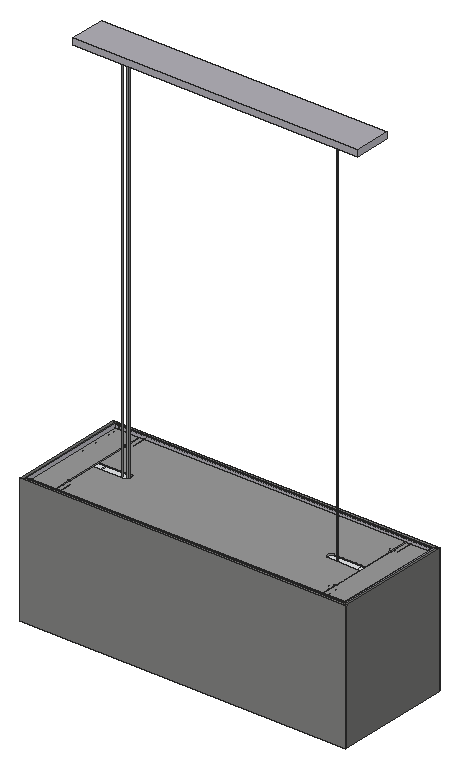
Revit family "Lighting - Lumetta - Pendant - P1440A", category Lighting Fixtures, host Ceiling, Revit 2015
Parameters
  Wattage = 12.1178 W
  built-in parameter 1150110 = 1 (stored number, unit not read)
  URL = "https://lumetta.com/luminaires/linear-acoustic-box-40x14-pendant/"
  built-in parameter 1114217 = 1 (stored number, unit not read)
  Top Lens-Material [instance] = Acrylic - 2447 - White
  Top Lens [instance] = yes
  built-in parameter 1150109 = 1 (stored number, unit not read)
  built-in parameter 1150134 = (empty or 0)
  Suspension [instance] = 1
  built-in parameter 1150113 = 1 (stored number, unit not read)
  P1440A URL [instance] = "https://lumetta.com/luminaires/linear-acoustic-box-40x14-pendant/"
  Model = "P440A"  # constant formula
  Manufacturer = "Lumetta, Inc."  # constant formula
  Lumens = 1800 lm
  built-in parameter 1150115 = 1 (stored number, unit not read)
  built-in parameter 1150105 = 143.24 (stored number, unit not read)
  Light Source Symbol Size = 0' - 1"
  built-in parameter 1150137 = (empty or 0)
  built-in parameter 1150139 = (empty or 0)
  built-in parameter 1150112 = 1 (stored number, unit not read)
  built-in parameter 1150114 = 1 (stored number, unit not read)
  built-in parameter 1150132 = 2
  built-in parameter 1150102 = (empty or 0)
  built-in parameter 1150138 = (empty or 0)
  built-in parameter 1150107 = 3000 (stored number, unit not read)
  built-in parameter 1150106 = 1.4324 (stored number, unit not read)
  Frame Finish [instance] = Paint - Lumetta - F02 - PC_Chrome
  Fixture Drop [instance] = 4' - 0"
  Emit from Line Length = 2' - 10"
  built-in parameter 1150104 = 13.8 (stored number, unit not read)
  Dimming Lamp Color Temperature Shift = (empty or 0)
  Diffuser Material-Shade 2 [instance] = Shade - Lumetta - D819-AC-Pepper
  Diffuser Material-Shade 1 [instance] = Shade - Lumetta - D802 - AC Marble
  Description = "Linear Acoustic Box 40×14 Pendant"  # constant formula
  Coupling-Stems over 60 inches [instance] = and([2 Stems], Fixture Drop > 5' 0")  # no
  Cord Color [instance] = Cord, Black
  Cone Nut-STD-2-3Wire [instance] = Suspension = 1  # yes
  Color Filter = 16777215
  Bushing-LED-4Wire [instance] = Suspension = 2  # no
  Bottom Lens-Material [instance] = Acrylic - P95 - Etched White
  Bottom Lens [instance] = yes
  built-in parameter 1114218 = 1 (stored number, unit not read)
  built-in parameter 1150133 = 10 (stored number, unit not read)
  2 Stems [instance] = Suspension = 3  # no
  1CRD-2CBL-LED-4Wire [instance] = or(Suspension = 1, Suspension = 2)  # yes
  1 CRD-2CBL-STD [instance] = or(Suspension = 1, Suspension = 2)  # yes
Reference planes (in)
  plane 1 "Light Source Axis (F/B)": y = 0
  plane 2 "Ceiling": z = 96.01773
  plane 3 "Light Source Axis (L/R)": x = 0
  plane 4 "Light Source Elevation": z = 45.39273
  plane 5 "Fixture-Top": z = 48.01773
  plane 6 "Fixture-Height": z = 32.01773
  plane 7 "Left-Wrap": x = -14.25
  plane 8 "Right-Wrap": x = 14.25
  plane 9 "Lamping Start": z = 47.38052
  plane 10 "Left Stem": x = -14.25
  plane 11 "Right Stem": x = 14.25
  plane 12: x = -12.75
  plane 13: x = 12.75
  plane 14 "Right XBar": x = 16.6875
  plane 15 "Left XBar": x = -16.6875
  plane 16 "Left Cable": x = -13.5
  plane 17 "Right Cable": x = 13.5
  plane 18 "Frame Length-Left": x = -20
  plane 19 "Frame Length-Right": x = 20
  plane 20 "Frame Width-TOP": y = 7
  plane 21 "Frame Width-BTM": y = -7
Forms (in)
  Extrusion 1, solid, material "Paint - Lumetta - F02 - PC_Chrome" <- "Frame Finish"
    sketch origin (0, 0, 96.01773) x (1, 0, 0) y (0, 1, 0)
      loop
        line (-17.875, -2.25) -> (17.875, -2.25) -> (17.875, 2.25) -> (-17.875, 2.25) -> (-17.875, -2.25)
    from 0 to -0.75
  Extrusion 2, solid, material "Paint - Lumetta - F02 - PC_Chrome" <- "Frame Finish"
    sketch origin (0, 0, 48.01773) x (0, -1, 0) y (1, 0, 0)
      loop
        line (-7, -20) -> (7, -20) -> (7, 20) -> (-7, 20) -> (-7, -20)
      loop
        line (-6.5, -19.5) -> (6.5, -19.5) -> (6.5, 19.5) -> (-6.5, 19.5) -> (-6.5, -19.5)
    from 0 to -0.63721
  Extrusion 3, void
    sketch origin (0, 0, 48.01773) x (0, -1, 0) y (1, 0, 0)
      loop
        line (-6.875, -19.875) -> (6.875, -19.875) -> (6.875, 19.875) -> (-6.875, 19.875) -> (-6.875, -19.875)
      loop
        line (-6.5, -19.375) -> (6.5, -19.375) -> (6.5, 19.375) -> (-6.5, 19.375) -> (-6.5, -19.375)
    from 0 to -0.51221
  Extrusion 4, solid, material "Paint - Lumetta - F02 - PC_Chrome" <- "Frame Finish"
    sketch origin (0, 0, 32.01773) x (-1, 0, 0) y (0, -1, 0)
      loop
        line (20, -7) -> (20, 7) -> (-20, 7) -> (-20, -7) -> (20, -7)
      loop
        line (19.5, -6.5) -> (19.5, 6.5) -> (-19.5, 6.5) -> (-19.5, -6.5) -> (19.5, -6.5)
    from 0 to 0.61415
  Extrusion 5, void
    sketch origin (0, 0, 32.01773) x (-1, 0, 0) y (0, -1, 0)
      loop
        line (19.875, -6.875) -> (19.875, 6.875) -> (-19.875, 6.875) -> (-19.875, -6.875) -> (19.875, -6.875)
      loop
        line (19.375, -6.5) -> (19.375, 6.5) -> (-19.5, 6.5) -> (-19.5, -6.5) -> (19.375, -6.5)
    from 0.11313 to 0.64163
  Extrusion 6, solid, material "Paint - Lumetta - F02 - PC_Chrome" <- "Frame Finish"
    sketch origin (0, 0, 36.01773) x (0, -1, 0) y (1, 0, 0)
      loop
        line (-7, 20) -> (-7, 19.375) -> (-6.875, 19.375) -> (-6.875, 19.875) -> (-6.375, 19.875) -> (-6.375, 20) -> (-7, 20)
      loop
        line (-7, -20) -> (-6.375, -20) -> (-6.375, -19.875) -> (-6.875, -19.875) -> (-6.875, -19.375) -> (-7, -19.375) -> (-7, -20)
      loop
        line (7, -20) -> (7, -19.375) -> (6.875, -19.375) -> (6.875, -19.875) -> (6.375, -19.875) -> (6.375, -20) -> (7, -20)
      loop
        line (7, 20) -> (6.375, 20) -> (6.375, 19.875) -> (6.875, 19.875) -> (6.875, 19.375) -> (7, 19.375) -> (7, 20)
    from -4 to 12
  Extrusion 7, solid, material "Paint - Lumetta - F02 - PC_Chrome" <- "Frame Finish"
    sketch origin (0, 0, 48.01773) x (0, -1, 0) y (1, 0, 0)
      loop
        line (-4.7499, -17.1875) -> (-4.7499, -16.1875) -> (-6.9219, -16.1875) -> (-6.9219, -17.1875) -> (-4.7499, -17.1875)
      loop
        line (-4.7499, 17.1875) -> (-6.9219, 17.1875) -> (-6.9219, 16.1875) -> (-4.7499, 16.1875) -> (-4.7499, 17.1875)
      loop
        circle (-5.2499, -16.6875) r 0.10889
      loop
        circle (-5.2499, 16.6875) r 0.10785
      loop
        line (4.7499, -17.1875) -> (6.9219, -17.1875) -> (6.9219, -16.1875) -> (4.7499, -16.1875) -> (4.7499, -17.1875)
      loop
        line (4.7499, 17.1875) -> (4.7499, 16.1875) -> (6.9219, 16.1875) -> (6.9219, 17.1875) -> (4.7499, 17.1875)
      loop
        circle (5.2499, -16.6875) r 0.10889
      loop
        circle (5.2499, 16.6875) r 0.10785
    from -0.4375 to -0.5
  Extrusion 8, solid, material "Paint - Lumetta - F02 - PC_Chrome" <- "Frame Finish"
    sketch origin (0, 0, 96.01773) x (1, 0, 0) y (0, 1, 0)
      loop
        circle (-10, 0) r 0.31122
      loop
        circle (10, 0) r 0.31356
    from -0.8125 to -1.1875
  Extrusion 9, solid, material "Paint - Lumetta - F02 - PC_Chrome" <- "Frame Finish", visible <- "2 Stems"
    sketch origin (18, 0.5, 96.01773) x (1, 0, 0) y (0, 1, 0)
      loop
        line (-36, -2.875) -> (0, -2.875) -> (0, 1.875) -> (-36, 1.875) -> (-36, -2.875)
    from -0.8125 to -0.75
  Revolve 10, solid, material "Paint - Lumetta - F02 - PC_Chrome" <- "Frame Finish", visible <- "Cone Nut-STD-2-3Wire"
    sketch origin (0, 0, 0) x (1, 0, 0) y (0, 0, 1)
      loop
        line (-12.75, 95.20523) -> (-12.75, 94.70523) -> (-12.46878, 94.70523) -> (-12.37659, 95.20523) -> (-12.75, 95.20523)
      axis (-12.75, 94.70523) -> (-12.75, 95.20523)
    angle from 0 to 360
  Extrusion 11, solid, material "Paint - Lumetta - F11 - PC_White"
    sketch origin (0, 0, 24.01773) x (0, -1, 0) y (1, 0, 0)
      loop
        line (-5.88315, -17.3125) -> (5.86685, -17.3125) -> (5.86685, -16.0625) -> (-5.88315, -16.0625) -> (-5.88315, -17.3125)
      loop
        line (-5.88315, 16.0625) -> (5.86685, 16.0625) -> (5.86685, 17.3125) -> (-5.88315, 17.3125) -> (-5.88315, 16.0625)
      loop
        circle (-5.25033, -16.6875) r 0.10889
      loop
        circle (5.25033, -16.6875) r 0.10889
      loop
        circle (5.2499, 16.6875) r 0.10785
      loop
        circle (-5.2499, 14.25) r 0.10785
    from 23.36279 to 23.24028
  Extrusion 12, solid, material "Paint - Lumetta - F11 - PC_White"
    sketch origin (0, 0, 47.38052) x (-1, 0, 0) y (0, -1, 0)
      loop
        line (18.1875, -1.54) -> (18.1875, 1.54) -> (-18.1875, 1.54) -> (-18.1875, -1.54) -> (18.1875, -1.54)
    from -0.1225 to -1.375
  Extrusion 13, solid, material "Cord, Black" <- "Cord Color", visible <- "1 CRD-2CBL-STD"
    sketch origin (0, 0, 96.01773) x (1, 0, 0) y (0, 1, 0)
      loop
        circle (-12.75, 0) r 0.1566
    from -0.75 to -48.63721
  Extrusion 14, solid, material "Steel, Galvanized", visible <- "1 CRD-2CBL-STD"
    sketch origin (0, 0, 96.01773) x (1, 0, 0) y (0, 1, 0)
      loop
        circle (-13.5, 0) r 0.03252
      loop
        circle (13.5, 0) r 0.03265
    from -0.75 to -48.63721
  Extrusion 15, solid, material "Paint - Lumetta - F02 - PC_Chrome" <- "Frame Finish", visible <- "2 Stems"
    sketch origin (0, 0, 96.01773) x (1, 0, 0) y (0, 1, 0)
      loop
        circle (-14.25, 0) r 0.25
      loop
        circle (14.25, 0) r 0.25
    from 0 to -48.63721
  Revolve 16, solid, material "Paint - Lumetta - F02 - PC_Chrome" <- "Frame Finish", visible <- "2 Stems"
    sketch origin (0, 0, 0) x (1, 0, 0) y (0, 0, 1)
      loop
        line (-14.25, 95.04898) -> (-13.95148, 95.04898)
        arc (-13.95148, 95.04898) -> (-13.71866, 95.4096) -> (-13.64788, 95.83298) r 1.06037
        line (-13.64788, 95.83298) -> (-14.25, 95.83298) -> (-14.25, 95.04898)
      axis (-14.25, 95.04898) -> (-14.25, 95.83298)
    angle from 0 to 360
  Revolve 17, solid, material "Paint - Lumetta - F02 - PC_Chrome" <- "Frame Finish", visible <- "Coupling-Stems over 60 inches"
    sketch origin (0, 0, 0) x (1, 0, 0) y (0, 0, 1)
      loop
        line (-14.25, 108.01773) -> (-13.95764, 108.01773)
        arc (-13.95764, 108.01773) -> (-13.90786, 108.0585) -> (-13.93801, 108.11534) r 0.05078
        arc (-13.93801, 108.11534) -> (-13.90686, 108.28335) -> (-13.93801, 108.45137) r 0.46875
        arc (-13.93801, 108.45137) -> (-13.90786, 108.50821) -> (-13.95764, 108.54898) r 0.05078
        line (-13.95764, 108.54898) -> (-14.25, 108.54898) -> (-14.25, 108.01773)
      axis (-14.25, 108.54898) -> (-14.25, 108.01773)
    angle from 0 to 360
  Revolve 18, solid, material "Paint - Lumetta - F02 - PC_Chrome" <- "Frame Finish", visible <- "Coupling-Stems over 60 inches"
    sketch origin (0, 0, 0) x (-1, 0, 0) y (0, 0, 1)
      loop
        line (-14.25, 108.01773) -> (-13.9562, 108.01773)
        arc (-13.9562, 108.01773) -> (-13.90642, 108.0585) -> (-13.93657, 108.11534) r 0.05078
        arc (-13.93657, 108.11534) -> (-13.90542, 108.28335) -> (-13.93657, 108.45137) r 0.46875
        arc (-13.93657, 108.45137) -> (-13.90642, 108.50821) -> (-13.9562, 108.54898) r 0.05078
        line (-13.9562, 108.54898) -> (-14.25, 108.54898) -> (-14.25, 108.01773)
      axis (-14.25, 108.54898) -> (-14.25, 108.01773)
    angle from 0 to 360
  Revolve 19, solid, material "Paint - Lumetta - F02 - PC_Chrome" <- "Frame Finish", visible <- "2 Stems"
    sketch origin (0, 0, 0) x (-1, 0, 0) y (0, 0, 1)
      loop
        line (-14.25, 95.04898) -> (-13.95148, 95.04898)
        arc (-13.95148, 95.04898) -> (-13.70187, 95.31397) -> (-13.64788, 95.67398) r 0.60938
        line (-13.64788, 95.67398) -> (-14.25, 95.67398) -> (-14.25, 95.04898)
      axis (-14.25, 95.04898) -> (-14.25, 95.67398)
    angle from 0 to 360
  Extrusion 20, solid, material "Paint - Lumetta - F02 - PC_Chrome" <- "Frame Finish", visible <- "Bushing-LED-4Wire"
    sketch origin (0, 0, 96.01773) x (1, 0, 0) y (0, 1, 0)
      loop
        circle (-12.75, 0) r 0.37341
      loop
        circle (-12.75, 0) r 0.25
    from -0.91406 to -0.8125
  Extrusion 21, solid, material "Acrylic - 2447 - White" <- "Top Lens-Material", visible <- "Top Lens"
    sketch origin (0, 0, 48.01773) x (0, -1, 0) y (1, 0, 0)
      loop
        line (-6.75, -19.75) -> (6.75, -19.75) -> (6.75, -16.75) -> (4.42172, -16.75)
        arc (4.42172, -16.75) -> (4.25, -16.87024) -> (4.07828, -16.75) r 0.18274
        line (4.07828, -16.75) -> (-4.07828, -16.75)
        arc (-4.07828, -16.75) -> (-4.25, -16.87024) -> (-4.42172, -16.75) r 0.18274
        line (-4.42172, -16.75) -> (-6.75, -16.75) -> (-6.75, -19.75)
      loop
        line (-6.75, -16.625) -> (-4.42172, -16.625)
        arc (-4.42172, -16.625) -> (-4.25, -16.50476) -> (-4.07828, -16.625) r 0.18274
        line (-4.07828, -16.625) -> (-0.5, -16.625) -> (-0.5, -12.75)
        arc (-0.5, -12.75) -> (0, -12.25) -> (0.5, -12.75) r 0.5
        line (0.5, -12.75) -> (0.5, -16.625) -> (4.07828, -16.625)
        arc (4.07828, -16.625) -> (4.25, -16.50476) -> (4.42172, -16.625) r 0.18274
        line (4.42172, -16.625) -> (6.75, -16.625) -> (6.75, 16.625) -> (4.42172, 16.625)
        arc (4.42172, 16.625) -> (4.25, 16.50476) -> (4.07828, 16.625) r 0.18274
        line (4.07828, 16.625) -> (0.5, 16.625) -> (0.5, 12.75)
        arc (0.5, 12.75) -> (0, 12.25) -> (-0.5, 12.75) r 0.5
        line (-0.5, 12.75) -> (-0.5, 16.625) -> (-4.07828, 16.625)
        arc (-4.07828, 16.625) -> (-4.25, 16.50476) -> (-4.42172, 16.625) r 0.18274
        line (-4.42172, 16.625) -> (-6.75, 16.625) -> (-6.75, -16.625)
      loop
        line (-6.75, 19.75) -> (-6.75, 16.75) -> (-4.42172, 16.75)
        arc (-4.42172, 16.75) -> (-4.25, 16.87024) -> (-4.07828, 16.75) r 0.18274
        line (-4.07828, 16.75) -> (4.07828, 16.75)
        arc (4.07828, 16.75) -> (4.25, 16.87024) -> (4.42172, 16.75) r 0.18274
        line (4.42172, 16.75) -> (6.75, 16.75) -> (6.75, 19.75) -> (-6.75, 19.75)
    from -0.51221 to -0.38301
  Extrusion 22, solid, material "Acrylic - P95 - Etched White" <- "Bottom Lens-Material", visible <- "Bottom Lens"
    sketch origin (0, 0, 32.01773) x (-1, 0, 0) y (0, -1, 0)
      loop
        line (19.75, -6.75) -> (19.75, 6.75) -> (-19.75, 6.75) -> (-19.75, -6.75) -> (19.75, -6.75)
    from 0.0625 to 0.1875
  Extrusion 23, solid, material "Shade - Lumetta - D802 - AC Marble" <- "Diffuser Material-Shade 1"
    sketch origin (0, 0, 48.01773) x (0, -1, 0) y (1, 0, 0)
      loop
        line (-7.375, -20.375) -> (-7.1875, -20.375) -> (-7.1875, -20) -> (-7, -20) -> (-7, 20) -> (-7.1875, 20) -> (-7.1875, 20.375) -> (-7.375, 20.375) -> (-7.375, -20.375)
      loop
        line (7.375, -20.375) -> (7.375, 20.375) -> (7.1875, 20.375) -> (7.1875, 20) -> (7, 20) -> (7, -20) -> (7.1875, -20) -> (7.1875, -20.375) -> (7.375, -20.375)
    from -16 to 0
  Extrusion 24, solid, material "Shade - Lumetta - D819-AC-Pepper" <- "Diffuser Material-Shade 2"
    sketch origin (0, 0, 48.01773) x (0, -1, 0) y (1, 0, 0)
      loop
        line (-7.1875, -20.375) -> (7.1875, -20.375) -> (7.1875, -20) -> (-7.1875, -20) -> (-7.1875, -20.375)
      loop
        line (-7.1875, 20.375) -> (-7.1875, 20) -> (7.1875, 20) -> (7.1875, 20.375) -> (-7.1875, 20.375)
    from -16 to 0
Cuts and joins
  Extrusion 3, Extrusion 5 cuts Extrusion 2
  Extrusion 5 cuts Extrusion 4
Dimensions and locks (in)
  equal spacing: host sketch curve, plane 3 "Light Source Axis (L/R)", host sketch curve
  equal spacing: host sketch curve, plane 1 "Light Source Axis (F/B)", host sketch curve
  host sketch curve to host sketch curve = 10' - 0"  (x2)
  locked: plane 5 "Fixture-Top" to plane 4 "Light Source Elevation" at 2.625
  "Fixture Drop": plane 2 "Ceiling" to plane 5 "Fixture-Top"
  plane 5 "Fixture-Top" to plane 6 "Fixture-Height" = 1' - 4"
  locked: Extrusion 9 to Revolve 10 sketch curve at 0.5
  locked: Extrusion 11 sketch curve to Extrusion 11 sketch curve at 1.25  (x2)
  plane 1 "Light Source Axis (F/B)" to Extrusion 11 sketch curve = 0' - 5.88315"
  Extrusion 11 sketch curve to Extrusion 11 sketch curve = 0' - 11 3/4"
  locked: imposter light to Extrusion 12 sketch curve at 1.54
  locked: plane 1 "Light Source Axis (F/B)" to Extrusion 12 sketch curve at 1.54
  locked: Extrusion 9 to Revolve 16 sketch curve at 0.15625
  Revolve 17 sketch curve to level = 9' - 0.01773"
  locked: Revolve 17 sketch curve to Revolve 17 sketch curve at 0.53125
  locked: Revolve 17 sketch curve to Revolve 17 sketch curve at 0.26563
  locked: Revolve 17 sketch curve to Revolve 17 sketch curve at 0.05078  (x2)
  locked: Revolve 18 sketch curve to Revolve 18 sketch curve at 0.53125
  locked: Revolve 18 sketch curve to Revolve 18 sketch curve at 0.26563
  locked: Revolve 18 sketch curve to Revolve 18 sketch curve at 0.05078  (x2)
  locked: Extrusion 20 sketch curve to plane 3 "Light Source Axis (L/R)" at 12.75  (x2)
  locked: Revolve 18 sketch curve to plane 5 "Fixture-Top" at 60
  locked: Revolve 17 sketch curve to plane 5 "Fixture-Top" at 60
  plane 5 "Fixture-Top" to plane 9 "Lamping Start" = 0' - 0.63721"
  locked: plane 9 "Lamping Start" to Extrusion 12 at 1.375
  locked: cut or joined group of Extrusion 4, Extrusion 5 to plane 6 "Fixture-Height" at 0.11313
  locked: cut or joined group of Extrusion 4, Extrusion 5 to plane 6 "Fixture-Height" at 0.61415
  cut or joined group of Extrusion 2, Extrusion 3, Extrusion 5 to plane 9 "Lamping Start" = 0' - 0 1/8"
  locked: Extrusion 21 to cut or joined group of Extrusion 2, Extrusion 3, Extrusion 5 at 0.1292
  equal spacing: Extrusion 14 sketch curve, plane 3 "Light Source Axis (L/R)", Extrusion 14 sketch curve
  plane 3 "Light Source Axis (L/R)" to Revolve 10 sketch curve = 1' - 0 3/4"
  equal spacing: Extrusion 8 sketch curve, plane 3 "Light Source Axis (L/R)", Extrusion 8 sketch curve
  Extrusion 8 sketch curve to Extrusion 8 sketch curve = 1' - 8"
  equal spacing: Extrusion 21 sketch curve, plane 3 "Light Source Axis (L/R)", Extrusion 21 sketch curve
  locked: Extrusion 13 sketch curve to plane 3 "Light Source Axis (L/R)" at 12.75
  plane 3 "Light Source Axis (L/R)" to Extrusion 15 sketch curve = 1' - 2 1/4"
  plane 3 "Light Source Axis (L/R)" to Revolve 18 sketch curve = 1' - 2 1/4"
  locked: Revolve 16 sketch curve to plane 10 "Left Stem" at 0
  locked: Revolve 16 sketch curve to Revolve 16 sketch curve at 0.45748
  locked: plane 11 "Right Stem" to Revolve 19 sketch curve at 0  (x2)
  locked: Revolve 19 sketch curve to plane 11 "Right Stem" at 0
  locked: Revolve 17 sketch curve to plane 10 "Left Stem" at 0  (x2)
  locked: Revolve 17 sketch curve to plane 10 "Left Stem" at 0.29236  (x2)
  locked: plane 10 "Left Stem" to Revolve 17 sketch curve at 0.12561
  locked: Revolve 18 sketch curve to plane 11 "Right Stem" at 0  (x2)
  locked: plane 11 "Right Stem" to Revolve 18 sketch curve at 0.2938  (x2)
  locked: Revolve 18 sketch curve to plane 11 "Right Stem" at 0.12417
  locked: plane 12 to Revolve 10 sketch curve at 0
  Revolve 10 sketch curve to plane 12 = 0' - 0"
  locked: Revolve 10 sketch curve to plane 12 at 0.37341
  locked: Revolve 10 sketch curve to plane 12 at 0.28122
  locked: plane 3 "Light Source Axis (L/R)" to plane 12 at 12.75
  equal spacing: plane 13, plane 3 "Light Source Axis (L/R)", plane 12
  locked: Extrusion 21 sketch curve to plane 3 "Light Source Axis (L/R)" at 12.75
  locked: plane 9 "Lamping Start" to Extrusion 12 at 0.1225
  equal spacing: plane 15 "Left XBar", plane 3 "Light Source Axis (L/R)", plane 14 "Right XBar"
  locked: plane 15 "Left XBar" to plane 14 "Right XBar" at 33.375
  equal spacing: plane 16 "Left Cable", plane 3 "Light Source Axis (L/R)", plane 17 "Right Cable"
  locked: plane 16 "Left Cable" to plane 17 "Right Cable" at 27
  locked: Extrusion 14 sketch curve to plane 16 "Left Cable" at 0
  equal spacing: plane 7 "Left-Wrap", plane 3 "Light Source Axis (L/R)", plane 8 "Right-Wrap"
  plane 7 "Left-Wrap" to plane 8 "Right-Wrap" = 2' - 4 1/2"
  equal spacing: plane 10 "Left Stem", plane 3 "Light Source Axis (L/R)", plane 11 "Right Stem"
  locked: plane 10 "Left Stem" to plane 11 "Right Stem" at 28.5
  equal spacing: plane 18 "Frame Length-Left", plane 3 "Light Source Axis (L/R)", plane 19 "Frame Length-Right"
  plane 18 "Frame Length-Left" to plane 19 "Frame Length-Right" = 3' - 4"
  equal spacing: plane 20 "Frame Width-TOP", plane 1 "Light Source Axis (F/B)", plane 21 "Frame Width-BTM"
  locked: Extrusion 6 sketch curve to plane 18 "Frame Length-Left" at 0  (x2)
  locked: Extrusion 6 sketch curve to plane 20 "Frame Width-TOP" at 0  (x2)
  locked: Extrusion 6 sketch curve to plane 21 "Frame Width-BTM" at 0  (x2)
  locked: Extrusion 6 sketch curve to plane 19 "Frame Length-Right" at 0  (x2)
  locked: Extrusion 6 sketch curve to plane 19 "Frame Length-Right" at 0.625  (x2)
  locked: Extrusion 6 sketch curve to plane 20 "Frame Width-TOP" at 0.625
  locked: Extrusion 6 sketch curve to plane 21 "Frame Width-BTM" at 0.625
  locked: plane 18 "Frame Length-Left" to Extrusion 6 sketch curve at 0.625  (x2)
  locked: plane 20 "Frame Width-TOP" to Extrusion 6 sketch curve at 0.625
  locked: plane 21 "Frame Width-BTM" to Extrusion 6 sketch curve at 0.625
  locked: plane 19 "Frame Length-Right" to Extrusion 2 sketch curve
  locked: Extrusion 2 sketch curve to plane 20 "Frame Width-TOP" at 0
  locked: Extrusion 2 sketch curve to plane 21 "Frame Width-BTM" at 0
  locked: plane 18 "Frame Length-Left" to Extrusion 5 sketch curve at 0.125
  locked: Extrusion 5 sketch curve to Extrusion 5 sketch curve at 0.5
  locked: Extrusion 5 sketch curve to plane 19 "Frame Length-Right" at 0.125
  locked: Extrusion 5 sketch curve to plane 19 "Frame Length-Right" at 0.5
  locked: plane 18 "Frame Length-Left" to Extrusion 2 sketch curve
  locked: Extrusion 2 sketch curve to Extrusion 2 sketch curve at 0.5
  locked: plane 18 "Frame Length-Left" to Extrusion 3 sketch curve at 0.125
  locked: Extrusion 3 sketch curve to Extrusion 3 sketch curve at 0.5  (x2)
  locked: Extrusion 3 sketch curve to plane 19 "Frame Length-Right" at 0.125
  locked: plane 18 "Frame Length-Left" to Extrusion 4 sketch curve
  locked: Extrusion 4 sketch curve to Extrusion 4 sketch curve at 0.5  (x2)
  locked: Extrusion 4 sketch curve to plane 19 "Frame Length-Right"
  locked: Extrusion 22 sketch curve to plane 19 "Frame Length-Right" at 0.25
  locked: Extrusion 22 sketch curve to plane 20 "Frame Width-TOP" at 0.25
  locked: Extrusion 22 sketch curve to plane 21 "Frame Width-BTM" at 0.25
  locked: plane 18 "Frame Length-Left" to Extrusion 22 sketch curve at 0.25
  locked: plane 18 "Frame Length-Left" to Extrusion 21 sketch curve at 0.25
  locked: Extrusion 21 sketch curve to plane 20 "Frame Width-TOP" at 0.25  (x2)
  locked: Extrusion 21 sketch curve to plane 21 "Frame Width-BTM" at 0.25  (x2)
  locked: plane 20 "Frame Width-TOP" to Extrusion 21 sketch curve at 0.25
  locked: plane 21 "Frame Width-BTM" to Extrusion 21 sketch curve at 0.25
  locked: Extrusion 21 sketch curve to plane 19 "Frame Length-Right" at 0.25
  equal spacing: Extrusion 9 sketch curve, plane 1 "Light Source Axis (F/B)", Extrusion 9 sketch curve
  equal spacing: Extrusion 9 sketch curve, plane 3 "Light Source Axis (L/R)", Extrusion 9 sketch curve
  locked: Extrusion 9 sketch curve to Extrusion 9 sketch curve at 36
  locked: Extrusion 9 sketch curve to Extrusion 9 sketch curve at 4.75
  locked: Extrusion 9 to Extrusion 1 sketch curve at 0.125  (x3)
  locked: Extrusion 1 sketch curve to Extrusion 9 at 0.125
  locked: Extrusion 7 sketch curve to Extrusion 7 sketch curve at 2.172  (x4)
  locked: Extrusion 7 sketch curve to Extrusion 7 sketch curve at 0.5  (x4)
  locked: Extrusion 7 sketch curve to plane 15 "Left XBar" at 0  (x2)
  locked: Extrusion 7 sketch curve to plane 14 "Right XBar" at 0  (x2)
  equal spacing: Extrusion 7 sketch curve, plane 15 "Left XBar", Extrusion 7 sketch curve  (x2)
  equal spacing: Extrusion 7 sketch curve, plane 14 "Right XBar", Extrusion 7 sketch curve  (x2)
  locked: Extrusion 7 sketch curve to plane 15 "Left XBar" at 0.5  (x2)
  locked: plane 14 "Right XBar" to Extrusion 7 sketch curve at 0.5  (x2)
  locked: Extrusion 7 sketch curve to plane 20 "Frame Width-TOP" at 0.0781
  locked: plane 21 "Frame Width-BTM" to Extrusion 7 sketch curve at 0.0781
  locked: Extrusion 7 sketch curve to plane 21 "Frame Width-BTM" at 0.0781
  locked: plane 20 "Frame Width-TOP" to Extrusion 7 sketch curve at 0.0781
  locked: Extrusion 11 sketch curve to plane 20 "Frame Width-TOP" at 1.11685  (x2)
  locked: Extrusion 11 sketch curve to plane 21 "Frame Width-BTM" at 1.13315  (x2)
  Extrusion 11 sketch curve to Extrusion 11 sketch curve = 0' - 0.61695"
  locked: Extrusion 11 sketch curve to plane 15 "Left XBar" at 0  (x2)
  locked: Extrusion 11 sketch curve to plane 14 "Right XBar" at 0
  locked: Extrusion 6 to plane 6 "Fixture-Height" at 0
  locked: Extrusion 15 sketch curve to plane 10 "Left Stem"
  locked: plane 11 "Right Stem" to Extrusion 15 sketch curve
  Extrusion 21 sketch curve to Extrusion 21 sketch curve = 0' - 8 1/2"  (x4)
  equal spacing: Extrusion 21 sketch curve, plane 1 "Light Source Axis (F/B)", Extrusion 21 sketch curve  (x3)
  equal spacing: Extrusion 21 sketch curve, imposter light, Extrusion 21 sketch curve
  equal spacing: Extrusion 11 sketch curve, plane 1 "Light Source Axis (F/B)", Extrusion 11 sketch curve
  locked: Extrusion 11 sketch curve to Extrusion 11 sketch curve at 0.63325
  equal spacing: Extrusion 11 sketch curve, imposter light, Extrusion 11 sketch curve
  locked: Extrusion 11 sketch curve to Extrusion 11 sketch curve at 0.63281
  equal spacing: Extrusion 11 sketch curve, plane 14 "Right XBar", Extrusion 11 sketch curve
  equal spacing: Extrusion 11 sketch curve, plane 15 "Left XBar", Extrusion 11 sketch curve
  locked: Extrusion 12 sketch curve to plane 15 "Left XBar" at 1.5
  locked: plane 14 "Right XBar" to Extrusion 12 sketch curve at 1.5
  locked: Extrusion 23 sketch curve to Extrusion 23 sketch curve at 0.1875  (x4)
  locked: Extrusion 23 sketch curve to Extrusion 23 sketch curve at 0.375  (x4)
  locked: Extrusion 23 sketch curve to plane 18 "Frame Length-Left"
  locked: plane 19 "Frame Length-Right" to Extrusion 23 sketch curve
  locked: Extrusion 23 sketch curve to plane 20 "Frame Width-TOP" at 0
  locked: plane 20 "Frame Width-TOP" to Extrusion 23 sketch curve at 0.375
  plane 20 "Frame Width-TOP" to plane 21 "Frame Width-BTM" = 1' - 2"
  aligned and locked: plane 3 "Light Source Axis (L/R)" to imposter light
  aligned and locked: plane 1 "Light Source Axis (F/B)" to imposter light
  aligned and locked: plane 4 "Light Source Elevation" to imposter light
  aligned and locked: Extrusion 13 to Extrusion 1
  aligned and locked: plane 2 "Ceiling" to Extrusion 15
  aligned and locked: Extrusion 13 to plane 9 "Lamping Start"
  aligned and locked: Extrusion 14 to plane 9 "Lamping Start"
  aligned and locked: Extrusion 15 to Extrusion 13
  aligned and locked: Extrusion 4 to plane 6 "Fixture-Height"
  aligned and locked: cut or joined group of Extrusion 2, Extrusion 3, Extrusion 5 to Extrusion 5 sketch curve  (x2)
  aligned and locked: cut or joined group of Extrusion 2, Extrusion 3, Extrusion 5 to Extrusion 21
  aligned and locked: Extrusion 2 to plane 9 "Lamping Start"
  aligned and locked: Extrusion 11 to Extrusion 12
  aligned and locked: Extrusion 11 to cut or joined group of Extrusion 2, Extrusion 3, Extrusion 5
  aligned and locked: Extrusion 6 to plane 5 "Fixture-Top"
  aligned and locked: Extrusion 23 to plane 5 "Fixture-Top"
  aligned and locked: Extrusion 23 to cut or joined group of Extrusion 4, Extrusion 5
  aligned and locked: Extrusion 24 to plane 5 "Fixture-Top"
  aligned and locked: Extrusion 24 to cut or joined group of Extrusion 4, Extrusion 5
Automatic sketch dimensions
  plane 1 "Light Source Axis (F/B)" to Extrusion 13 sketch curve = 0' - 0"
  plane 1 "Light Source Axis (F/B)" to Extrusion 14 sketch curve = 0' - 0"  (x2)
  plane 1 "Light Source Axis (F/B)" to Extrusion 15 sketch curve = 0' - 0"  (x2)
  Extrusion 20 sketch curve to Extrusion 20 sketch curve = 0' - 0"
  plane 1 "Light Source Axis (F/B)" to Extrusion 20 sketch curve = 0' - 0"
  Extrusion 6 sketch curve to plane 20 "Frame Width-TOP" = 0' - 0 1/8"  (x2)
  plane 21 "Frame Width-BTM" to Extrusion 6 sketch curve = 0' - 0 1/8"  (x2)
  plane 18 "Frame Length-Left" to Extrusion 6 sketch curve = 0' - 0 1/8"  (x2)
  Extrusion 6 sketch curve to plane 19 "Frame Length-Right" = 0' - 0 1/8"
  Extrusion 6 sketch curve to Extrusion 6 sketch curve = 0' - 0 1/8"
  Extrusion 2 sketch curve to plane 20 "Frame Width-TOP" = 0' - 0 1/2"
  plane 21 "Frame Width-BTM" to Extrusion 2 sketch curve = 0' - 0 1/2"
  Extrusion 2 sketch curve to plane 19 "Frame Length-Right" = 0' - 0 1/2"
  Extrusion 3 sketch curve to plane 20 "Frame Width-TOP" = 0' - 0 1/8"
  Extrusion 3 sketch curve to plane 20 "Frame Width-TOP" = 0' - 0 1/2"
  plane 21 "Frame Width-BTM" to Extrusion 3 sketch curve = 0' - 0 1/2"
  plane 21 "Frame Width-BTM" to Extrusion 3 sketch curve = 0' - 0 1/8"
  Extrusion 4 sketch curve to plane 20 "Frame Width-TOP" = 0' - 0"
  Extrusion 4 sketch curve to plane 21 "Frame Width-BTM" = 0' - 0"
  Extrusion 4 sketch curve to plane 20 "Frame Width-TOP" = 0' - 0 1/2"
  plane 21 "Frame Width-BTM" to Extrusion 4 sketch curve = 0' - 0 1/2"
  Extrusion 21 sketch curve to Extrusion 21 sketch curve = 0' - 0"  (x9)
  Extrusion 21 sketch curve to plane 15 "Left XBar" = 0' - 0"  (x2)
  Extrusion 21 sketch curve to plane 14 "Right XBar" = 0' - 0"  (x2)
  plane 1 "Light Source Axis (F/B)" to Extrusion 21 sketch curve = 0' - 0"  (x2)
  Extrusion 21 sketch curve to plane 14 "Right XBar" = 0' - 0 1/16"  (x4)
  Extrusion 21 sketch curve to plane 1 "Light Source Axis (F/B)" = 0' - 0 1/2"  (x2)
  plane 15 "Left XBar" to Extrusion 21 sketch curve = 0' - 0 1/16"  (x4)
  Extrusion 21 sketch curve to plane 15 "Left XBar" = 0' - 0 1/16"  (x3)
  Extrusion 21 sketch curve to Extrusion 21 sketch curve = 0' - 0.17172"  (x4)
  plane 14 "Right XBar" to Extrusion 21 sketch curve = 0' - 0 1/16"  (x2)
  Extrusion 11 sketch curve to plane 8 "Right-Wrap" = 0' - 0"
  plane 1 "Light Source Axis (F/B)" to Extrusion 8 sketch curve = 0' - 0"  (x2)
  Extrusion 5 sketch curve to plane 20 "Frame Width-TOP" = 0' - 0 1/8"
  plane 21 "Frame Width-BTM" to Extrusion 5 sketch curve = 0' - 0 1/8"
  Revolve 10 sketch curve to Revolve 10 sketch curve = 0' - 0 1/2"
  Revolve 10 sketch curve to Revolve 10 sketch curve = 0' - 0"
  plane 2 "Ceiling" to Revolve 10 sketch curve = 0' - 2 11/16"
  Revolve 16 sketch curve to plane 7 "Left-Wrap" = 0' - 0"
  Revolve 16 sketch curve to plane 7 "Left-Wrap" = 0' - 0.29852"
  Revolve 16 sketch curve to plane 16 "Left Cable" = 0' - 0.14788"
  Revolve 16 sketch curve to plane 2 "Ceiling" = 0' - 0.2252"
  Revolve 16 sketch curve to Revolve 16 sketch curve = 1' - 1 19/32"
  plane 2 "Ceiling" to Revolve 16 sketch curve = 0' - 2 15/16"
  Revolve 17 sketch curve to Revolve 17 sketch curve = 0' - 0.01964"
  plane 2 "Ceiling" to Revolve 17 sketch curve = 0' - 4 17/32"
  Revolve 17 sketch curve to Revolve 17 sketch curve = 0' - 0"
  Revolve 18 sketch curve to Revolve 18 sketch curve = 0' - 0.01964"
  Revolve 18 sketch curve to plane 2 "Ceiling" = 0' - 4 17/32"
  Revolve 18 sketch curve to Revolve 18 sketch curve = 0' - 0"
  plane 8 "Right-Wrap" to Revolve 19 sketch curve = 0' - 0.29852"
  Revolve 19 sketch curve to plane 17 "Right Cable" = 0' - 0.14788"
  plane 2 "Ceiling" to Revolve 19 sketch curve = 0' - 0 31/32"
  plane 2 "Ceiling" to Revolve 19 sketch curve = 0' - 0 7/16"
  Revolve 19 sketch curve to plane 2 "Ceiling" = 0' - 0.53351"
  Revolve 19 sketch curve to Revolve 19 sketch curve = 0' - 2.40399"
  Extrusion 23 sketch curve to plane 18 "Frame Length-Left" = 0' - 0"
  Extrusion 23 sketch curve to plane 21 "Frame Width-BTM" = 0' - 0"
  Extrusion 23 sketch curve to plane 19 "Frame Length-Right" = 0' - 0"
  Extrusion 23 sketch curve to plane 21 "Frame Width-BTM" = 0' - 0 3/16"
  Extrusion 24 sketch curve to plane 18 "Frame Length-Left" = 0' - 0"
  Extrusion 24 sketch curve to plane 19 "Frame Length-Right" = 0' - 0"
  plane 20 "Frame Width-TOP" to Extrusion 24 sketch curve = 0' - 0 3/16"  (x2)
  Extrusion 24 sketch curve to plane 21 "Frame Width-BTM" = 0' - 0 3/16"  (x2)
  Extrusion 24 sketch curve to Extrusion 24 sketch curve = 0' - 0 3/8"
  plane 19 "Frame Length-Right" to Extrusion 24 sketch curve = 0' - 0 3/8"
  radius of Extrusion 7 sketch curve = 0' - 0.10889"  (x2)
  radius of Extrusion 7 sketch curve = 0' - 0.10785"  (x2)
  radius of Extrusion 13 sketch curve = 0' - 0.1566"
  radius of Extrusion 14 sketch curve = 0' - 0.03252"
  radius of Extrusion 14 sketch curve = 0' - 0.03265"
  radius of Extrusion 15 sketch curve = 0' - 0 1/4"  (x2)
  radius of Extrusion 20 sketch curve = 0' - 0.37341"
  radius of Extrusion 20 sketch curve = 0' - 0 1/4"
  radius of Extrusion 11 sketch curve = 0' - 0.10889"  (x2)
  radius of Extrusion 11 sketch curve = 0' - 0.10785"  (x2)
  radius of Extrusion 8 sketch curve = 0' - 0.31122"
  radius of Extrusion 8 sketch curve = 0' - 0.31356"
